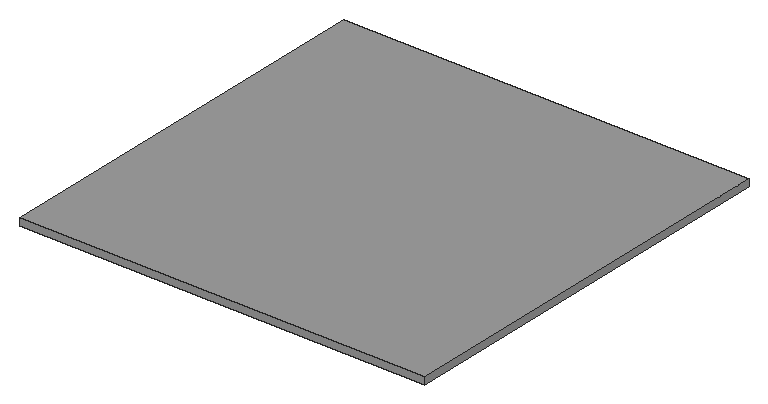
Revit family "WM-MN Unskimmend Family 70mm", category Generic Models, host Ceiling, Revit 2017
Family settings
  Host = Ceiling
  Can host rebar = No
  Round Connector Dimension = Use Diameter
  Part Type = Normal
  Always vertical = Yes
  Cut with Voids When Loaded = No
  Shared = No
  Room Calculation Point = No
Parameters (values of type "Lambdaboard")
  Width = 4000 mm
  URL = "www.rigifoam.com"
  Type Comments = "duncan@rigifoam.com"
  Thermal Resistance = 2.9200 (m²·K)/W
  Thermal Conductivity = 0.0240 W/(m·K)
  Model = "WM/MN Unskimmend 70mm"
  Material = Polyisocyanurate
  Manufacturer = "Lambdaboard"
  Length = 4000 mm
  Description = "Flexible PIR Insulation"
  Depth = 70 mm
  Density = 40.0000 kg/m³
Reference planes
  plane 1 "Center (Front/Back)": y = 0
  plane 2: z = 0
  plane 3 "Center (Left/Right)": x = 0
  plane 4 "Ceiling": z = 4000
Forms (mm)
  Extrusion 1, solid, material "Polyisocyanurate" <- "Material"
    sketch origin (0, 0, 4000) x (0, 1, 0) y (-1, 0, 0)
      loop
        line (2000, 2000) -> (-2000, 2000) -> (-2000, -2000) -> (2000, -2000) -> (2000, 2000)
    from -70 to 0
Dimensions and locks
  equal spacing: host sketch curve, plane 3 "Center (Left/Right)", host sketch curve
  equal spacing: host sketch curve, plane 1 "Center (Front/Back)", host sketch curve
  host sketch curve to host sketch curve = 4000 mm  (x2)
  plane 4 "Ceiling" to host ceiling = 0 mm
  equal spacing: Extrusion 1, plane 3 "Center (Left/Right)", Extrusion 1
  "Length": Extrusion 1 to Extrusion 1
  "Width": Extrusion 1 to Extrusion 1
  "Depth": Extrusion 1 to Extrusion 1
Automatic sketch dimensions
  plane 1 "Center (Front/Back)" to Extrusion 1 sketch curve = 2000 mm
  Extrusion 1 sketch curve to plane 1 "Center (Front/Back)" = 2000 mm
  plane 3 "Center (Left/Right)" to Extrusion 1 sketch curve = 2000 mm
  Extrusion 1 sketch curve to plane 3 "Center (Left/Right)" = 2000 mm
